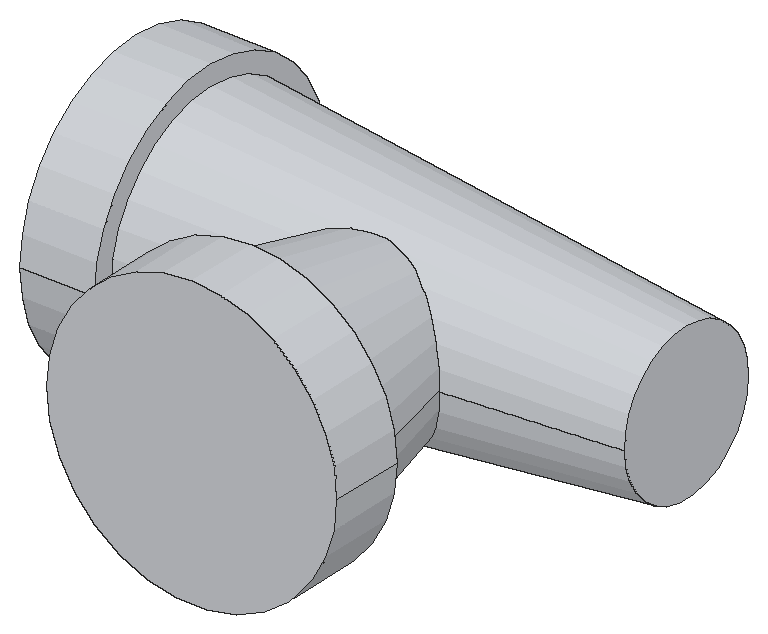
Revit family "M_Tee Street - Threaded - MI - Class 150", category Pipe Fittings, Revit 2014
Parameters (values of type "Standard")
  Tick Size [instance] = Fitting Outside Diameter 1 * 0.4  # 7.408 mm
  Nominal Radius [instance] = 4 mm
  Nominal Diameter [instance] = Nominal Radius * 2  # 8 mm
  Metal Thickness [instance] = size_lookup(Lookup Table Name, "MThk", 0.04 * Nominal Diameter + 2.183 mm, Nominal Diameter)  # 2.41 mm
  Lookup Table Name = "M_Tee Street - Threaded - MI - Class 150"
  C2 Length 1 [instance] = if(and(Angle < 90.00°, (Center to End - Band Width) * tan(Angle / 2) < Band Outside Radius), Band Outside Radius / tan(Angle / 2), if(and(Angle > 90.00°, (Center to End - Band Width) / abs(tan(Angle / 2)) < Band Outside Radius), Band Outside Radius * abs(tan(Angle / 2)), Center to Male End - External Thread Length))  # 20 mm
  C1 Length 2 [instance] = if(and(Angle < 90.00°, (Center to End - Band Width) * tan(Angle / 2) < Band Outside Radius), Band Outside Radius / tan(Angle / 2) + Band Width, if(and(Angle > 90.00°, (Center to End - Band Width) / abs(tan(Angle / 2)) < Band Outside Radius), Band Outside Radius * abs(tan(Angle / 2)) + Band Width, Center to End))  # 20.6 mm
  C1 Length 1 [instance] = C1 Length 2 - Band Width  # 15.1 mm
  Fitting Outside Radius 2 [instance] = Fitting Outside Diameter 2 / 2  # 5.71 mm
  Fitting Outside Radius 1 [instance] = Fitting Outside Diameter 1 / 2  # 9.26 mm
  Fitting Outside Diameter 2 [instance] = Male End Port Diameter + Metal Thickness * 2  # 11.42 mm
  Fitting Outside Diameter 1 [instance] = Fitting Inside Diameter + Metal Thickness * 2  # 18.52 mm
  Male End Port Diameter [instance] = size_lookup(Lookup Table Name, "MEPD", 0.95 * Nominal Diameter + 1.687 mm, Nominal Diameter)  # 6.6 mm
  Fitting Inside Diameter [instance] = size_lookup(Lookup Table Name, "FID", 1.08 * Nominal Diameter + 5.159 mm, Nominal Diameter)  # 13.7 mm
  External Thread Length [instance] = size_lookup(Lookup Table Name, "ETL", 0.22 * Nominal Diameter + 9.723 mm, Nominal Diameter)  # 10.2 mm
  Center to Male End [instance] = size_lookup(Lookup Table Name, "CtME", 1.21 * Nominal Diameter + 21.828 mm, Nominal Diameter)  # 30.2 mm
  Center to End [instance] = size_lookup(Lookup Table Name, "CtE", 0.78 * Nominal Diameter + 16.966 mm, Nominal Diameter)  # 20.6 mm
  Band Width [instance] = size_lookup(Lookup Table Name, "BWid", 0.12 * Nominal Diameter + 4.465 mm, Nominal Diameter)  # 5.5 mm
  Band Outside Radius [instance] = Band Outside Diameter / 2  # 10.7 mm
  Band Outside Diameter [instance] = size_lookup(Lookup Table Name, "BOD", 1.23 * Nominal Diameter + 12.402 mm, Nominal Diameter)  # 21.4 mm
  Assembly Code = ""
  Angle [instance] = 90.00°
Reference planes
  plane 1 "Center (Front/Back)": y = 0
  plane 2: z = 0
  plane 3 "Center (Left/Right)": x = 0
  plane 4: x = -15.1
  plane 5: x = 20
  plane 6: x = -20.6
  plane 7: y = 7.408
  plane 8: y = -7.408
  plane 9: x = -15.1
  plane 10: y = 7.408
  plane 11: y = -7.408
Forms (mm)
  Blend 1, solid, detail levels fine
    base sketch origin (0, 0, 0) x (0, 1, 0) y (0, 0, 1)
      loop
        circle (0, 0) r 9.26
    top sketch origin (0, 0, 0) x (0, 1, 0) y (0, 0, 1)
      loop
        circle (0, 0) r 5.71
    from -15.1 to 20
  Sweep 2, solid, detail levels fine
    path in 3D
      loop
        line (-20.6, 0, 0) -> (-15.1, 0, 0)
    profile origin (-17.85, 0, 0) x (0, 1, 0) y (0, 0, 1)
      loop
        circle (0, 0) r 10.7
  Sweep 3, solid, detail levels fine
    path in 3D
      loop
        line (0, -15.1, 0) -> (0, -20.6, 0)
    profile origin (0, -17.85, 0) x (1, 0, 0) y (0, 0, 1)
      loop
        circle (0, 0) r 10.7
  SweptBlend 4, solid, detail levels fine
    path in 3D
      loop
        line (0, 0, 0) -> (0, -15.1, 0)
    profile origin (0, 0, 0) x (1, 0, 0) y (0, 0, 1)
      loop
        circle (0, 0) r 5.71
    end profile origin (0, -15.1, 0) x (1, 0, 0) y (0, 0, 1)
      loop
        circle (0, 0) r 9.26
Cuts and joins
  joined: Blend 1, Sweep 2, Sweep 3, SweptBlend 4
Lines and regions (mm)
  model lines, detail levels coarse+medium
    curve 1: line (-20.6, 7.408, 0) -> (-20.6, -7.408, 0)
    curve 2: line (20, 7.408, 0) -> (20, -7.408, 0)
    curve 12: line (0, 0, 0) -> (0, -20.6, 0)
    curve 13: line (0, 0, 0) -> (20, 0, 0)
    curve 14: line (0, 0, 0) -> (-20.6, 0, 0)
    curve 15: line (7.408, -20.6, 0) -> (-7.408, -20.6, 0)
  reference lines
    curve 3: line (0, 0, 0) -> (0, -15.1, 0)
    curve 4: line (0, -15.1, 0) -> (0, -20.6, 0)
    curve 5: line (20, 0, 0) -> (25.5, 0, 0)
    curve 6: line (-20.6, 0, 0) -> (-15.1, 0, 0)
    curve 7: line (-20.6, 0, 0) -> (-15.1, 0, 0)
    curve 8: line (17.42, 0, 0) -> (25.5, 0, 0)
    curve 9: line (0, -20.6, 0) -> (0, -15.1, 0)
  sketch lines
    curve 10: line (-20.6, 0, 0) -> (-15.1, 0, 0)
    curve 11: line (0, -15.1, 0) -> (0, -20.6, 0)
    curve 16: line (0, 0, 0) -> (0, -15.1, 0)
Dimensions and locks
  "C1 Length 1": plane 4 to plane 3 "Center (Left/Right)"
  "C2 Length 1": plane 3 "Center (Left/Right)" to plane 5
  "C1 Length 2": plane 6 to plane 3 "Center (Left/Right)"
  equal spacing: plane 7, plane 1 "Center (Front/Back)", plane 8
  "Tick Size": plane 7 to plane 1 "Center (Front/Back)"
  "C1 Length 1": curve 3 to curve 4
  "Band Width": curve 4 to curve 4
  equal spacing: plane 10, plane 1 "Center (Front/Back)", plane 11
  "Tick Size": plane 10 to plane 1 "Center (Front/Back)"
  "C1 Length 2": curve 12 to curve 12
  equal spacing: curve 15, curve 12, curve 15
  "Tick Size": curve 12 to curve 15
  "Fitting Outside Radius 1": radius of Blend 1 sketch curve
  "Fitting Outside Radius 2": radius of Blend 1 sketch curve
  "Band Outside Radius": radius of Sweep 2 sketch curve
  "Band Outside Radius": radius of Sweep 3 sketch curve
  "Fitting Outside Radius 2": radius of SweptBlend 4 sketch curve
  "Fitting Outside Radius 1": radius of SweptBlend 4 sketch curve
  "Angle": angle curve 3 to plane 1 "Center (Front/Back)"
  "Angle": angle curve 4 to plane 1 "Center (Front/Back)"
  "Angle": angle curve 9 to plane 1 "Center (Front/Back)"
  "Angle": angle curve 12 to plane 1 "Center (Front/Back)"
  "Angle": angle curve 15 to plane 5
  aligned and locked: plane 7 to curve 1
  aligned and locked: plane 8 to curve 1
  aligned and locked: curve 1 to plane 6
  aligned and locked: plane 3 "Center (Left/Right)" to curve 3
  aligned and locked: plane 6 to curve 6
  aligned and locked: plane 4 to curve 6
  aligned and locked: plane 5 to curve 5
  aligned and locked: plane 1 "Center (Front/Back)" to curve 5
  aligned and locked: plane 1 "Center (Front/Back)" to curve 6
  aligned and locked: plane 6 to curve 7
  aligned and locked: plane 9 to curve 7
  aligned and locked: plane 1 "Center (Front/Back)" to curve 7
  aligned and locked: plane 1 "Center (Front/Back)" to curve 8
  aligned and locked: plane 1 "Center (Front/Back)" to Blend 1 sketch curve  (x2)
  aligned and locked: plane 2 to Blend 1 sketch curve  (x2)
  aligned and locked: Blend 1 to plane 4
  aligned and locked: plane 5 to Blend 1
  aligned and locked: plane 1 "Center (Front/Back)" to Sweep 2 sketch curve
  aligned and locked: plane 2 to Sweep 2 sketch curve
  aligned and locked: plane 11 to curve 2
  aligned and locked: plane 10 to curve 2
  aligned and locked: profile plane to Sweep 3 sketch curve  (x2)
  aligned and locked: plane 3 "Center (Left/Right)" to curve 12
  aligned and locked: plane 1 "Center (Front/Back)" to curve 12
  aligned and locked: plane 6 to curve 14
  aligned and locked: curve 2 to plane 5
  aligned and locked: profile plane to SweptBlend 4 sketch curve  (x4)
Automatic sketch dimensions
  curve 3 to plane 1 "Center (Front/Back)" = 0 mm
  curve 5 to curve 8 = 5.5 mm
  curve 5 to curve 8 = 0 mm
  curve 8 to plane 5 = 2.58 mm
Connectors
  piping at (-20.6, 0, 0), diameter 8, driven by "Nominal Radius"
    settings: on cut or joined group of Blend 1, Sweep 2, Sweep 3, SweptBlend 4, index 1, connector inside diameter 8 mm, connector length 0 mm, flow factor 0, pipe flow 0.0 L/s, pressure drop 0.0 Pa, fitting loss kfactor 0, connector angle 0.00°, fixture units 0, engagement length 0 mm, angle of deflection 0.00°, flow configuration 0, flow direction 0, fitting loss method 0, system type 28, joint type 0, gender type 0, connector reference index 2, connector utility 0, adjustable connector no, is connector primary yes, connector description ""
  piping at (20, 0, 0), diameter 8, driven by "Nominal Radius"
    settings: on cut or joined group of Blend 1, Sweep 2, Sweep 3, SweptBlend 4, index 2, connector inside diameter 8 mm, connector length 0 mm, flow factor 0, pipe flow 0.0 L/s, pressure drop 0.0 Pa, fitting loss kfactor 0, connector angle 0.00°, fixture units 0, engagement length 0 mm, angle of deflection 0.00°, flow configuration 0, flow direction 0, fitting loss method 0, system type 28, joint type 0, gender type 0, connector reference index 1, connector utility 0, adjustable connector no, is connector primary no, connector description ""
  piping at (0, -20.6, 0), diameter 8, driven by "Nominal Radius", driven by "Angle"
    settings: on Sweep 3, index 3, connector inside diameter 8 mm, connector length 0 mm, flow factor 0, pipe flow 0.0 L/s, pressure drop 0.0 Pa, fitting loss kfactor 0, connector angle 90.00°, fixture units 0, engagement length 0 mm, angle of deflection 0.00°, flow configuration 0, flow direction 0, fitting loss method 0, system type 28, joint type 0, gender type 0, connector reference index -1, connector utility 0, adjustable connector no, is connector primary no, connector description ""
